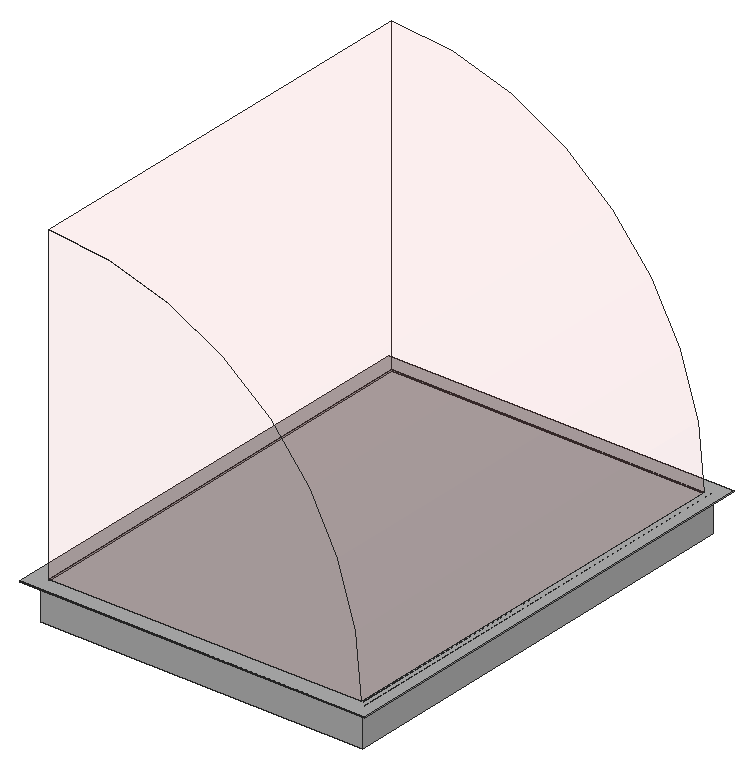
Revit family "Door_Access_Fire-Wall_Acudor_FB-5060", category Generic Models, host Face, Revit 2020
Family settings
  Host = Face
  Can host rebar = No
  Round Connector Dimension = Use Diameter
  Part Type = Normal
  Cut with Voids When Loaded = No
  Shared = No
  Room Calculation Point = No
Parameters
  Warranty Duration (Years) = 0
  Unit Width = 1' - 10"
  Unit Weight = 0
  Unit Height = 2' - 6"
  Unit Depth = 0' - 2 9/16"
  URL = "http://www.acudor.com/"
  Test Data = ""
  Swing Clearance Visible [instance] = yes
  Standards Conformance = "as Specified"
  Specification = ""
  SpecWizard = ""
  Send Message = ""
  Sales Information = "http://www.acudor.com/contactus"
  Revision = "R1_2017-03"
  Product Properties = ""
  Product Data = "http://www.arcat.com/arcatcos/cos30/arc30126.html"
  Overall Width = 2' - 0"
  Overall Height = 2' - 8"
  Opening Width = Unit Width + 0' 0 3/8" + 0' 0 3/8"  # 1' - 10 3/4"
  Opening Height = Unit Height + 0' 0 3/8" + 0' 0 3/8"  # 2' - 6 3/4"
  Opening Depth [instance] = 0' - 9.1506"
  Mounting Height [instance] = 2' - 4 1/2"
  Model = "As Specified"
  Manufacturer Website = "http://www.acudor.com/"
  Manufacturer Phone - Toll Free = "800-722-0501"
  Manufacturer Phone = "973-575-5120"
  Manufacturer Fax = "973-575-5160"
  Manufacturer Address = "80 Little Falls Rd.  Fairfield, NJ 07004"
  Manufacturer = "Acudor Products Inc"
  Maintenance Schedule (Months) = 0
  Keynote = ""
  Installed in Ceiling [instance] = no
  Installation-Fabrication = ""
  Installation Phase = ""
  Green Building-LEED = "http://www.arcat.com/green/clients/leed_data_30126.html"
  Fixture Finish [instance] = Metal - Acudor - Stainless Satin
  Fire Performance = "as Specified"
  Expected Lifespan (Years) = 0
  Drawn By = "Sumex Design, Inc. / Robert S. Weygant, CSI, CDT, SCIP"
  Door Width = Unit Width - 0' 0 1/4"  # 1' - 9 3/4"
  Door Height = Unit Height - 0' 0 1/4"  # 2' - 5 3/4"
  Description = "Acudor Product as Specified"
  Default Elevation = 0' - 0"  # constant formula
  Copyright = "©Arcat Inc."
  Construction Details = ""
  Clearance Material [instance] = ARCAT Clearance
  Clear Opening Width = 1' - 9"
  Clear Opening Height = 1' - 9"
  Available Options [instance] = "Screw Latch as Specified [Phillips][Allen][Spanner]  ;  [Cylinder Lock][No Cylinder Lock]"
  Assembly Code = ""
Reference planes (in)
  plane 1 "Center (Front/Back)": y = 4.28343
  plane 2: z = 0
  plane 3 "Center (Left/Right)": x = 0
  plane 4: y = 19.28343
  plane 5: y = -10.71657
  plane 6: x = -11
  plane 7: x = 11
  plane 8: z = 0.0625
  plane 9: y = -39.21657
  plane 10: x = -10.875
  plane 11: x = 10.875
  plane 12: y = 19.15843
  plane 13: y = -10.59157
  plane 14: y = 20.28343
  plane 15: y = -11.71657
  plane 16: x = -12
  plane 17: x = 12
  plane 18: z = -2.5
  plane 19: x = -11.375
  plane 20: x = 11.375
  plane 21: y = 19.65843
  plane 22: y = -11.09157
  plane 23: z = -9.1506
Forms (in)
  Extrusion 1, void
    sketch origin (0, 0, 0) x (1, 0, 0) y (0, 1, 0)
      loop
        line (-11.375, 19.65843) -> (-11.375, -11.09157) -> (11.375, -11.09157) -> (11.375, 19.65843) -> (-11.375, 19.65843)
    from -9.1506 to 0.0625
  Extrusion 2, solid, material "Metal - Acudor - Stainless Satin" <- "Fixture Finish"
    sketch origin (0, 0, 0) x (1, 0, 0) y (0, 1, 0)
      loop
        line (-11.1875, 19.47093) -> (-11.1875, -10.90407) -> (11.1875, -10.90407) -> (11.1875, 19.47093) -> (-11.1875, 19.47093)
      loop
        line (-9.25, -8.96657) -> (9.125, -8.96657) -> (9.125, 17.53343) -> (-9.25, 17.53343) -> (-9.25, -8.96657)
    from -2.4375 to -2.5625
  Extrusion 3, solid, material "Metal - Acudor - Stainless Satin" <- "Fixture Finish"
    sketch origin (0, 0, 0) x (1, 0, 0) y (0, 1, 0)
      loop
        line (-12, 20.28343) -> (-12, -11.71657) -> (12, -11.71657) -> (12, 20.28343) -> (-12, 20.28343)
      loop
        line (-10.875, 19.15843) -> (-10.875, -10.59157) -> (10.875, -10.59157) -> (10.875, 19.15843) -> (-10.875, 19.15843)
    from 0 to 0.0625
  Extrusion 4, solid, material "Metal - Acudor - Stainless Satin" <- "Fixture Finish"
    sketch origin (-15.17702, -180, 0.0625) x (-1, 0, 0) y (0, -1, 0)
      loop
        line (-4.30202, -199.15843) -> (-4.30202, -169.40843) -> (-26.05202, -169.40843) -> (-26.05202, -199.15843) -> (-4.30202, -199.15843)
    from -0.0625 to -2
  Extrusion 5, solid, material "ARCAT Clearance" <- "Clearance Material", visible <- "Swing Clearance Visible"
    sketch origin (0, 4.28343, 0) x (1, 0, 0) y (0, 0, 1)
      loop
        line (-10.875, 0.0625) -> (10.875, 0.0625)
        arc (10.875, 0.0625) -> (4.50457, 15.44207) -> (-10.875, 21.8125) r 21.75
        line (-10.875, 21.8125) -> (-10.875, 0.0625)
    from -14.875 to 14.875
  Extrusion 6, solid, material "Metal - Acudor - Stainless Satin" <- "Fixture Finish"
    sketch origin (0, 0, 0) x (1, 0, 0) y (0, 1, 0)
      loop
        line (-11.1875, 19.47093) -> (-11.1875, -10.90407) -> (11.1875, -10.90407) -> (11.1875, 19.47093) -> (-11.1875, 19.47093)
      loop
        line (-10.875, 19.15843) -> (-10.875, -10.59157) -> (10.875, -10.59157) -> (10.875, 19.15843) -> (-10.875, 19.15843)
    from -2.4375 to 0.0625
Cuts and joins
  joined: Extrusion 2, Extrusion 3, Extrusion 6
Lines and regions (in)
  model lines, style "GenericModelHiddenLines"
    curve 1: line (10.875, 19.15843, 0.0625) -> (-10.875, 4.28343, 0.0625)
    curve 2: line (-10.875, 4.28343, 0.0625) -> (10.875, -10.59157, 0.0625)
Dimensions and locks (in)
  locked: plane 8 to level at 0.0625
  equal spacing: plane 4, plane 1 "Center (Front/Back)", plane 5
  "Unit Height": plane 4 to plane 5
  equal spacing: plane 6, plane 3 "Center (Left/Right)", plane 7
  "Unit Width": plane 6 to plane 7
  "Mounting Height": plane 5 to plane 9
  equal spacing: plane 10, plane 3 "Center (Left/Right)", plane 11
  "Door Width": plane 10 to plane 11
  equal spacing: plane 12, plane 1 "Center (Front/Back)", plane 13
  "Door Height": plane 12 to plane 13
  equal spacing: plane 16, plane 3 "Center (Left/Right)", plane 17
  equal spacing: plane 14, plane 1 "Center (Front/Back)", plane 15
  "Overall Width": plane 16 to plane 17
  "Overall Height": plane 14 to plane 15
  "Unit Depth": plane 8 to plane 18
  equal spacing: plane 21, plane 1 "Center (Front/Back)", plane 22
  equal spacing: plane 19, plane 3 "Center (Left/Right)", plane 20
  "Opening Width": plane 19 to plane 20
  "Opening Height": plane 21 to plane 22
  "Opening Depth": level to plane 23
  locked: Extrusion 2 sketch curve to plane 6 at 0.1875
  locked: Extrusion 2 sketch curve to plane 4 at 0.1875
  locked: plane 7 to Extrusion 2 sketch curve at 0.1875
  locked: plane 5 to Extrusion 2 sketch curve at 0.1875
  locked: plane 6 to Extrusion 2 sketch curve at 1.75
  locked: plane 4 to Extrusion 2 sketch curve at 1.75
  locked: Extrusion 2 sketch curve to plane 11 at 1.75
  locked: Extrusion 2 sketch curve to plane 5 at 1.75
  locked: Extrusion 6 sketch curve to plane 4 at 0.1875
  locked: plane 7 to Extrusion 6 sketch curve at 0.1875
  locked: Extrusion 6 sketch curve to plane 6 at 0.1875
  locked: plane 5 to Extrusion 6 sketch curve at 0.1875
  "Door Width": radius of Extrusion 5 sketch curve
  locked: plane 8 to Extrusion 5 sketch curve (angle 90.00°)
  aligned and locked: host face to plane 2
  aligned and locked: host face to level
  aligned and locked: Extrusion 1 sketch curve to plane 21
  aligned and locked: plane 19 to Extrusion 1 sketch curve
  aligned and locked: plane 22 to Extrusion 1 sketch curve
  aligned and locked: Extrusion 1 sketch curve to plane 20
  aligned and locked: Extrusion 1 to plane 23
  aligned and locked: plane 8 to Extrusion 1
  aligned and locked: Extrusion 3 sketch curve to plane 14
  aligned and locked: plane 16 to Extrusion 3 sketch curve
  aligned and locked: plane 15 to Extrusion 3 sketch curve
  aligned and locked: Extrusion 3 sketch curve to plane 17
  aligned and locked: plane 8 to Extrusion 3
  aligned and locked: plane 10 to Extrusion 5 sketch curve
  aligned and locked: plane 8 to Extrusion 5 sketch curve
  aligned and locked: Extrusion 5 sketch curve to plane 8
  aligned and locked: plane 12 to Extrusion 5
  aligned and locked: Extrusion 5 to plane 13
  aligned and locked: Extrusion 6 sketch curve to cut or joined group of Extrusion 2, Extrusion 3, Extrusion 6  (x3)
  aligned and locked: Extrusion 6 sketch curve to Extrusion 5
Automatic sketch dimensions
  host sketch curve to host sketch curve = 12' - 11.75605"
  host sketch curve to host sketch curve = 12' - 7.74281"
  curve 2 to plane 11 = 0' - 0"
  curve 1 to plane 11 = 0' - 0"
  curve 2 to plane 10 = 0' - 0"
  plane 1 "Center (Front/Back)" to curve 1 = 0' - 0"
  curve 1 to plane 12 = 0' - 0"
  curve 2 to plane 13 = 0' - 0"
  Extrusion 3 sketch curve to plane 10 = 0' - 0"
  Extrusion 3 sketch curve to plane 11 = 0' - 0"
  Extrusion 3 sketch curve to plane 13 = 0' - 0"
  Extrusion 3 sketch curve to plane 12 = 0' - 0"
  Extrusion 4 sketch curve to plane 11 = 0' - 0"
  Extrusion 4 sketch curve to plane 10 = 0' - 0"
  Extrusion 4 sketch curve to plane 12 = 0' - 0"
  Extrusion 4 sketch curve to plane 13 = 0' - 0"
